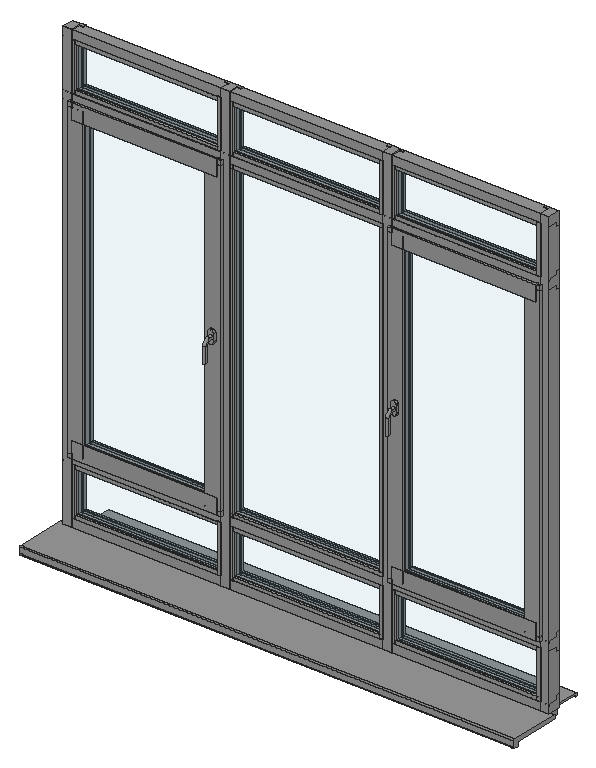
Revit family "deceuninck_okonniy_blok_trehstvorchatiy_s_verhnimi_i_nijnimi_framugami", category Окна, Revit 2016
Family settings
  Основа = Стена
  Номер OmniClass = 23.30.20.00
  Заголовок OmniClass = Windows
  Всегда вертикально = Да
  При загрузке вырезать с полостями = Нет
  Общий = Нет
  Точка расчета площади = Нет
Parameters (values of type "Энвин ЭКО-60")
  Ширина профиля = 60 mm
  Ширина проема [instance] = ADSK_Ширина рамы + Монтажный зазор.Левый + Монтажный зазор.Правый  # 2440 mm
  Шир прав створка [instance] = if(Одинковые створки, ADSK_Ширина рамы / 3, Створка правая.Ширина)  # 800 mm
  Шир лев створка [instance] = if(Одинковые створки, ADSK_Ширина рамы / 3, Створка левая.Ширина)  # 800 mm
  Четверть.Ширина [instance] = 65 mm
  Четверть.Правая [instance] = if(and(Четверть правая.Видимость, Четверть), Четверть.Ширина, 0 mm)  # 65 mm
  Четверть.Левая [instance] = if(and(Четверть левая.Видимость, Четверть), Четверть.Ширина, 0 mm)  # 65 mm
  Четверть.Глубина [instance] = 120 mm
  Четверть.Высота [instance] = 65 mm
  Четверть правая.Видимость [instance] = yes
  Четверть левая.Видимость [instance] = yes
  Четверть.Врхняя [instance] = if(Четверть, Четверть.Высота, 0 mm)  # 65 mm
  Четверть [instance] = yes
  Цвет профиля = ""
  Фрамуга нижняя.Высота [instance] = 300 mm
  Фрамуга верхняя.Высота [instance] = ADSK_Высота рамы - Створка.Высота - Фрамуга нижняя.Высота  # 300 mm
  Формула стеклопакета = ""
  Толщина стеклопакета = "32"
  Стеклопакет.Толщина = 32 mm
  Створка.Высота [instance] = 1600 mm
  Створка центральная [instance] = stvorka : Глухая
  Створка правая.Ширина [instance] = 800 mm
  Створка правая [instance] = stvorka : Поворотная право
  Створка центральная.Ширина [instance] = ADSK_Ширина рамы - Шир прав створка - Шир лев створка  # 800 mm
  Створка левая.Ширина [instance] = 800 mm
  Створка левая [instance] = stvorka : Поворотная лево
  Система фурнитуры [instance] = ""
  Расчетное значение ветровой нагрузки [instance] = 400
  Рама.Окно.Ширина [instance] = 2400 mm
  Рама.Окно.Высота [instance] = 2200 mm
  Профильная система = "Энвин ЭКО 60"
  Проем.Окно.Ширина [instance] = 2440 mm
  Проем.Окно.Высота [instance] = 2255 mm
  Приточный клапан [instance] = no
  Watermarked By = ""
  Rough Width = 0 mm  # constant formula
  Rough Height = 0 mm  # constant formula
  Подоконник.Глубина [instance] = 0 mm
  Подоконник. Видимость [instance] = yes
  Подоконник [instance] = podokonnik : ПВХ 250
  Площаль элемента [instance] = ADSK_Ширина рамы * ADSK_Высота рамы / 1000000 mm  # 5.28 mm
  Отлив.Свес [instance] = 35 mm
  Отлив.Видимость [instance] = yes
  Откосы.Глубина [instance] = 310 mm
  Одинковые створки [instance] = no
  Огнестойкость = "Е-15"
  Наименование = "Окно 3-створчатое с фрамугами сверху и снизу Энвин ЭКО-60"
  Монтажный зазор.Спереди [instance] = 10 mm
  Монтажный зазор.Правый [instance] = if(Четверть правая.Видимость, Монтажный зазор.Боковой, 0 mm)  # 20 mm
  Монтажный зазор.Низ [instance] = 10 mm
  Монтажный зазор.Левый [instance] = if(Четверть левая.Видимость, Монтажный зазор.Боковой, 0 mm)  # 20 mm
  Монтажный зазор.Верх [instance] = 20 mm
  Монтажный зазор.Боковой = 20 mm
  Материал-Стеклопакет = none
  Материал-Рама = none
  Материал-Подоконник = ПВХ, белый
  Материал-Отлив = Лист оцинкованый, белый
  Класс профиля = "Тип В"
  Завод-изготовитель [instance] = "ООО Декёнинк Рус, Россия"  # constant formula
  ГОСТ = "ГОСТ 30673-2013"
  Высота профиля створки = 76 mm
  Высота профиля рамы = 62 mm
  Высота профиля имоста = 82 mm
  Высота проема [instance] = ADSK_Высота рамы + 25 mm + Монтажный зазор.Верх + Монтажный зазор.Низ  # 2255 mm
  Height = 0 mm  # constant formula
  Высота подоконника по умолчанию = 800 mm
  Замыкание стены = По основе
  Width = 0 mm  # constant formula
  Артикул створки/армирование рстворки = "ZE 60D  /  AR1"
  Артикул рамы/армирование рамы = "LE 60D  /  AR1"
  Артикул импоста/армирование импоста = "TE 60D  /  20 x 35"
  Аналитическая конструкция = "<Нет>"
  λ краевой зоны стеклопакета = 0.0600 (m²·K)/W
  Rстеклопакета = 0.7600 (m²·K)/W
  Rпрофиля = 0.6800 (m²·K)/W
  Rпривед [instance] = 1 / (((Ширина профиля / 1000 mm) * (5.4 - 4 * (Ширина профиля / 1000 mm)) / (1.8 * Rпрофиля / Rед)) + ((1.2 - 2 * (Ширина профиля / 1000 mm)) * (1.5 - 2 * (Ширина профиля / 1000 mm)) / (1.8 * Rстеклопакета / Rед)) + (5.4 - 8 * (Ширина профиля / 1000 mm)) * (λ краевой зоны стеклопакета / Rед))  # 0.61064
  Rед = 1.0000 (m²·K)/W
  Iфактич [instance] = ""
  Iтреб [instance] = if(or(Шир лев створка > Шир прав створка, Шир лев створка = Шир прав створка), ((Расчетное значение ветровой нагрузки / 1000000) * ((ADSK_Высота рамы / 10) ^ 4) * (Шир лев створка / 20) / (1 mm * 1920 mm * 210000 mm * (ADSK_Высота рамы / 3000)) * (25 - (40 * ((Шир лев створка / ADSK_Высота рамы) ^ 2)) + (16 * ((Шир лев створка / ADSK_Высота рамы) ^ 4)))) + ((Расчетное значение ветровой нагрузки / 1000000) * ((ADSK_Высота рамы / 10) ^ 4) * (Створка центральная.Ширина / 20) / (1 mm * 1920 mm * 210000 mm * (ADSK_Высота рамы / 3000)) * (25 - (40 * ((Створка центральная.Ширина / ADSK_Высота рамы) ^ 2)) + (16 * ((Створка центральная.Ширина / ADSK_Высота рамы) ^ 4)))), ((Расчетное значение ветровой нагрузки / 1000000) * ((ADSK_Высота рамы / 10) ^ 4) * (Створка центральная.Ширина / 20) / (1 mm * 1920 mm * 210000 mm * (ADSK_Высота рамы / 3000)) * (25 - (40 * ((Створка центральная.Ширина / ADSK_Высота рамы) ^ 2)) + (16 * ((Створка центральная.Ширина / ADSK_Высота рамы) ^ 4)))) + ((Расчетное значение ветровой нагрузки / 1000000) * ((ADSK_Высота рамы / 10) ^ 4) * (Шир прав створка / 20) / (1 mm * 1920 mm * 210000 mm * (ADSK_Высота рамы / 3000)) * (25 - (40 * ((Шир прав створка / ADSK_Высота рамы) ^ 2)) + (16 * ((Шир прав створка / ADSK_Высота рамы) ^ 4)))))  # 5.068 mm
  ADSK_Ширина рамы [instance] = 2400 mm
  ADSK_Позиция [instance] = ""
  ADSK_Высота рамы [instance] = 2200 mm
Reference planes
  plane 1 "По центру (Вперед/Назад)": y = 0
  plane 2 "По центру (Влево/Вправо)": x = 0
  plane 3 "Подоконник": z = 800
  plane 4 "Наружный": y = 250
  plane 5 "Внутренние": y = -250
  plane 6: x = -1220
  plane 7: x = 1220
  plane 8: x = -1155
  plane 9: x = 1155
  plane 10: y = 130
  plane 11: z = 3000
  plane 12: x = -1200
  plane 13: x = 1200
  plane 14: z = 775
  plane 15: z = 3020
  plane 16: z = 765
  plane 17: z = 2955
  plane 18: y = 120
  plane 19: y = 60
  plane 20: x = -1138
  plane 21: x = 1138
  plane 22: z = 2938
  plane 23: z = 862
  plane 24: x = 400
  plane 25: x = 359
  plane 26: x = 441
  plane 27: y = 107
  plane 28: y = 70
  plane 29: y = 450
  plane 30: x = -400
  plane 31: x = -441
  plane 32: x = -359
  plane 33: z = 2700
  plane 34: z = 1100
Forms (mm)
  Extrusion 1, void
    sketch origin (0, -250, 0) x (1, 0, 0) y (0, 0, 1)
      loop
        line (-1220, 3020) -> (-1220, 765) -> (1220, 765) -> (1220, 3020) -> (-1220, 3020)
    from 0 to -380
  Extrusion 2, void
    sketch origin (-2200.521, 130, 1000) x (1, 0, 0) y (0, 0, 1)
      loop
        line (1045.521, 1955) -> (1045.521, -235) -> (3355.521, -235) -> (3355.521, 1955) -> (1045.521, 1955)
    from 0 to -320
  Extrusion 3, solid, material <- "Материал-Рама", detail levels fine
    sketch origin (0, 0, 800) x (0, -1, 0) y (-1, 0, 0)
      loop
        line (-120, 1200) -> (-120, 1138) -> (-107, 1138) -> (-107, 1158) -> (-60, 1158) -> (-60, 1200) -> (-120, 1200)
      loop
        line (-120, -1138) -> (-120, -1200) -> (-60, -1200) -> (-60, -1158) -> (-107, -1158) -> (-107, -1138) -> (-120, -1138)
    from 0 to -2200
  Extrusion 4, solid, material <- "Материал-Рама", detail levels fine
    sketch origin (-750, 0, 0) x (0, -1, 0) y (0, 0, 1)
      loop
        line (-60, 800) -> (-60, 842) -> (-107, 842) -> (-107, 862) -> (-120, 862) -> (-120, 800) -> (-60, 800)
      loop
        line (-60, 2958) -> (-60, 3000) -> (-120, 3000) -> (-120, 2938) -> (-107, 2938) -> (-107, 2958) -> (-60, 2958)
    from 450 to -1950
  Extrusion 5, solid, material <- "Материал-Рама", detail levels fine
    sketch origin (0, 0, 800) x (0, -1, 0) y (-1, 0, 0)
      loop
        line (-120, -359) -> (-120, -441) -> (-107, -441) -> (-107, -421) -> (-60, -421) -> (-60, -379) -> (-107, -379) -> (-107, -359) -> (-120, -359)
    from 0 to -2200
  Extrusion 6, solid, material <- "Материал-Рама"
    sketch origin (-233.865, 107, 2257) x (0, 0, 1) y (-1, 0, 0)
      loop
        line (-1457, 966.135) -> (-1482, 966.135) -> (-1482, -1433.865) -> (-1457, -1433.865) -> (-1457, 966.135)
    from 0 to 37
  Extrusion 7, solid, material "Лист оцинкованый, белый" <- "Материал-Отлив", visible <- "Отлив.Видимость", detail levels fine
    sketch origin (1155, 531.754, 1000) x (0, 1, 0) y (0, 0, 1)
      loop
        line (-424.754, -225) -> (-251.754, -225) -> (-251.754, -235) -> (-246.754, -235) -> (-246.754, -220) -> (-424.754, -215) -> (-424.754, -225)
    from 0 to -2310
  Extrusion 8, solid, detail levels medium
    sketch origin (0, 0, 800) x (0, -1, 0) y (-1, 0, 0)
      loop
        line (-120, 1200) -> (-120, 1138) -> (-60, 1138) -> (-60, 1200) -> (-120, 1200)
      loop
        line (-120, -1200) -> (-60, -1200) -> (-60, -1138) -> (-120, -1138) -> (-120, -1200)
    from 0 to -2200
  Extrusion 9, solid, detail levels medium
    sketch origin (-750, 0, 0) x (0, -1, 0) y (0, 0, 1)
      loop
        line (-120, 3000) -> (-120, 2938) -> (-60, 2938) -> (-60, 3000) -> (-120, 3000)
      loop
        line (-60, 800) -> (-60, 862) -> (-120, 862) -> (-120, 800) -> (-60, 800)
    from -1950 to 450
  Extrusion 10, solid, detail levels coarse
    sketch origin (-750, 0, 0) x (0, -1, 0) y (0, 0, 1)
      loop
        line (-120, 2889) -> (-47, 2889) -> (-47, 3000) -> (-120, 3000) -> (-120, 2889)
      loop
        line (-47, 800) -> (-47, 911) -> (-120, 911) -> (-120, 800) -> (-47, 800)
      loop
        line (-47, 2789) -> (-120, 2789) -> (-120, 2611) -> (-47, 2611) -> (-47, 2789)
      loop
        line (-47, 1189) -> (-120, 1189) -> (-120, 1011) -> (-47, 1011) -> (-47, 1189)
    from -1950 to 450
  Extrusion 11, solid, detail levels medium
    sketch origin (0, 0, 800) x (0, -1, 0) y (-1, 0, 0)
      loop
        line (-120, -379) -> (-120, -421) -> (-60, -421) -> (-60, -379) -> (-120, -379)
    from 0 to -2200
  Extrusion 12, solid, detail levels fine
    sketch origin (0, 0, 800) x (0, -1, 0) y (-1, 0, 0)
      loop
        line (-120, 441) -> (-120, 359) -> (-107, 359) -> (-107, 379) -> (-60, 379) -> (-60, 421) -> (-107, 421) -> (-107, 441) -> (-120, 441)
    from 0 to -2200
  Extrusion 13, solid, detail levels medium
    sketch origin (0, 0, 0) x (1, 0, 0) y (0, 1, 0)
      loop
        line (-421, 120) -> (-421, 60) -> (-379, 60) -> (-379, 120) -> (-421, 120)
    from 800 to 3000
  Extrusion 14, solid, detail levels coarse
    sketch origin (0, 0, 0) x (1, 0, 0) y (0, 1, 0)
      loop
        line (310, 120) -> (310, 47) -> (490, 47) -> (490, 120) -> (310, 120)
    from 800 to 3000
  Extrusion 15, solid, detail levels coarse
    sketch origin (0, 0, 0) x (1, 0, 0) y (0, 1, 0)
      loop
        line (-490, 120) -> (-490, 47) -> (-310, 47) -> (-310, 120) -> (-490, 120)
    from 800 to 3000
  Extrusion 16, solid, detail levels coarse
    sketch origin (0, 0, 0) x (1, 0, 0) y (0, 1, 0)
      loop
        line (-1200, 120) -> (-1200, 47) -> (-1089, 47) -> (-1089, 120) -> (-1200, 120)
      loop
        line (1089, 120) -> (1089, 47) -> (1200, 47) -> (1200, 120) -> (1089, 120)
    from 800 to 3000
  Extrusion 17, solid, detail levels medium+fine
    sketch origin (0, 0, 0) x (0, -1, 0) y (0, 0, 1)
      loop
        line (-120, 2659) -> (-107, 2659) -> (-107, 2679) -> (-60, 2679) -> (-60, 2721) -> (-107, 2721) -> (-107, 2741) -> (-120, 2741) -> (-120, 2659)
      loop
        line (-120, 1059) -> (-107, 1059) -> (-107, 1079) -> (-60, 1079) -> (-60, 1121) -> (-107, 1121) -> (-107, 1141) -> (-120, 1141) -> (-120, 1059)
    from -1200 to 1200
  Extrusion 18, solid, detail levels medium
    sketch origin (-750, 0, 0) x (0, -1, 0) y (0, 0, 1)
      loop
        line (-60, 2721) -> (-120, 2721) -> (-120, 2679) -> (-60, 2679) -> (-60, 2721)
      loop
        line (-60, 1121) -> (-120, 1121) -> (-120, 1079) -> (-60, 1079) -> (-60, 1121)
    from -1950 to 450
Lines and regions (mm)
  symbolic lines, style "Windows"
    curve 1: line (-1200, 130, 0) -> (1200, 130, 0)
Text (mm)
  text "Наружный" at (0, 923.751, 2943.296), in view "Справа"
  text "Наружный" at (0, 1040.484, 2685.409), in view "Слева"
Dimensions and locks
  "Высота подоконника по умолчанию": plane 3 "Подоконник" to level
  locked: plane 4 "Наружный" to host wall at 0
  locked: plane 5 "Внутренние" to host wall
  "Четверть.Глубина": plane 10 to plane 4 "Наружный"
  "ADSK_Высота рамы": plane 11 to plane 3 "Подоконник"
  "Монтажный зазор.Верх": plane 15 to plane 11
  locked: plane 3 "Подоконник" to plane 14 at 25
  "Монтажный зазор.Низ": plane 14 to plane 16
  "Четверть.Врхняя": plane 15 to plane 17
  equal spacing: plane 13, plane 2 "По центру (Влево/Вправо)", plane 12
  "ADSK_Ширина рамы": plane 13 to plane 12
  "Четверть.Левая": plane 8 to plane 6
  "Четверть.Правая": plane 7 to plane 9
  "Монтажный зазор.Левый": plane 12 to plane 6
  "Монтажный зазор.Правый": plane 13 to plane 7
  "Монтажный зазор.Спереди": plane 10 to plane 18
  "Ширина профиля": plane 18 to plane 19
  "Высота профиля рамы": plane 12 to plane 20
  locked: Extrusion 3 sketch curve to Extrusion 3 sketch curve at 13  (x2)
  locked: Extrusion 3 sketch curve to Extrusion 3 sketch curve at 20  (x2)
  "Высота профиля рамы": plane 21 to plane 13
  "Высота профиля рамы": plane 11 to plane 22
  "Высота профиля рамы": plane 3 "Подоконник" to plane 23
  locked: Extrusion 4 sketch curve to Extrusion 4 sketch curve at 13  (x2)
  locked: Extrusion 4 sketch curve to Extrusion 4 sketch curve at 20  (x2)
  equal spacing: plane 25, plane 24, plane 26
  "Высота профиля имоста": plane 25 to plane 26
  locked: Extrusion 5 sketch curve to plane 26 at 20
  locked: plane 25 to Extrusion 5 sketch curve at 20
  locked: plane 18 to plane 27 at 13
  locked: plane 28 to plane 19 at 10
  locked: Extrusion 7 sketch curve to Extrusion 7 sketch curve at 5  (x2)
  locked: Extrusion 7 sketch curve to Extrusion 7 sketch curve at 10
  "Отлив.Свес": Extrusion 7 to plane 4 "Наружный"
  locked: plane 4 "Наружный" to plane 29 at 200
  "Шир лев створка": plane 30 to plane 12
  equal spacing: plane 31, plane 30, plane 32
  "Высота профиля имоста": plane 31 to plane 32
  locked: Extrusion 12 sketch curve to Extrusion 12 sketch curve at 20  (x2)
  "Шир прав створка": plane 24 to plane 13
  "Откосы.Глубина": plane 19 to plane 5 "Внутренние"
  locked: Extrusion 17 sketch curve to Extrusion 17 sketch curve at 20  (x4)
  "Высота профиля имоста": Extrusion 17 sketch curve to Extrusion 17 sketch curve  (x2)
  equal spacing: Extrusion 17 sketch curve, plane 33, Extrusion 17 sketch curve
  "Створка.Высота": plane 33 to plane 34
  "Фрамуга нижняя.Высота": plane 34 to plane 3 "Подоконник"
  equal spacing: Extrusion 17 sketch curve, plane 34, Extrusion 17 sketch curve
  "Проем.Окно.Ширина": plane 7 to plane 6
  "Рама.Окно.Ширина": plane 13 to plane 12
  "Проем.Окно.Высота": plane 15 to plane 16
  "Рама.Окно.Высота": plane 11 to plane 3 "Подоконник"
  aligned and locked: Extrusion 1 sketch curve to plane 15
  aligned and locked: Extrusion 1 sketch curve to plane 6
  aligned and locked: Extrusion 1 sketch curve to plane 7
  aligned and locked: Extrusion 1 sketch curve to plane 16
  aligned and locked: plane 10 to Extrusion 1
  aligned and locked: Extrusion 2 sketch curve to plane 17
  aligned and locked: Extrusion 2 sketch curve to plane 8
  aligned and locked: Extrusion 2 sketch curve to plane 9
  aligned and locked: Extrusion 2 sketch curve to plane 16
  aligned and locked: Extrusion 3 sketch curve to plane 18
  aligned and locked: Extrusion 3 sketch curve to plane 19
  aligned and locked: Extrusion 3 sketch curve to plane 20
  aligned and locked: Extrusion 3 sketch curve to plane 12
  aligned and locked: plane 18 to Extrusion 3 sketch curve
  aligned and locked: plane 19 to Extrusion 3 sketch curve
  aligned and locked: Extrusion 3 sketch curve to plane 13
  aligned and locked: Extrusion 3 sketch curve to plane 21
  aligned and locked: plane 11 to Extrusion 3
  aligned and locked: Extrusion 4 sketch curve to plane 19  (x2)
  aligned and locked: Extrusion 4 sketch curve to plane 18  (x2)
  aligned and locked: Extrusion 4 sketch curve to plane 23
  aligned and locked: Extrusion 4 sketch curve to plane 3 "Подоконник"
  aligned and locked: Extrusion 4 sketch curve to plane 22
  aligned and locked: Extrusion 4 sketch curve to plane 11
  aligned and locked: Extrusion 4 to plane 13
  aligned and locked: Extrusion 4 to plane 12
  aligned and locked: Extrusion 5 sketch curve to plane 18
  aligned and locked: Extrusion 5 sketch curve to plane 19
  aligned and locked: plane 11 to Extrusion 5
  aligned and locked: Extrusion 6 sketch curve to plane 12
  aligned and locked: Extrusion 6 sketch curve to plane 3 "Подоконник"
  aligned and locked: Extrusion 6 sketch curve to plane 14
  aligned and locked: plane 13 to Extrusion 6 sketch curve
  aligned and locked: plane 28 to Extrusion 6
  aligned and locked: nested 1 to plane 3 "Подоконник"
  aligned and locked: plane 28 to nested 1
  aligned and locked: nested 1 to plane 2 "По центру (Влево/Вправо)"
  aligned and locked: plane 14 to Extrusion 7 sketch curve
  aligned and locked: Extrusion 7 to plane 8
  aligned and locked: plane 27 to Extrusion 7 sketch curve
  aligned and locked: plane 29 to Extrusion 2
  aligned and locked: curve 1 to plane 10
  aligned and locked: plane 11 to Extrusion 8
  aligned and locked: Extrusion 9 sketch curve to plane 11
  aligned and locked: Extrusion 9 sketch curve to plane 22
  aligned and locked: Extrusion 9 sketch curve to plane 19  (x2)
  aligned and locked: Extrusion 9 sketch curve to plane 18  (x2)
  aligned and locked: Extrusion 9 sketch curve to plane 3 "Подоконник"
  aligned and locked: Extrusion 9 sketch curve to plane 23
  aligned and locked: Extrusion 9 to plane 13
  aligned and locked: Extrusion 8 sketch curve to plane 20
  aligned and locked: Extrusion 8 sketch curve to plane 19  (x2)
  aligned and locked: Extrusion 8 sketch curve to plane 12
  aligned and locked: plane 13 to Extrusion 8 sketch curve
  aligned and locked: plane 21 to Extrusion 8 sketch curve
  aligned and locked: Extrusion 10 sketch curve to plane 18  (x3)
  aligned and locked: Extrusion 10 sketch curve to plane 11
  aligned and locked: Extrusion 10 sketch curve to plane 3 "Подоконник"
  aligned and locked: Extrusion 10 to plane 13
  aligned and locked: Extrusion 8 sketch curve to plane 18  (x2)
  aligned and locked: Extrusion 11 sketch curve to Extrusion 5  (x3)
  aligned and locked: plane 11 to Extrusion 11
  aligned and locked: Extrusion 10 to plane 12
  aligned and locked: Extrusion 9 to plane 12
  aligned and locked: Extrusion 12 sketch curve to plane 18
  aligned and locked: Extrusion 12 sketch curve to plane 19
  aligned and locked: Extrusion 12 sketch curve to plane 32
  aligned and locked: Extrusion 12 sketch curve to plane 31
  aligned and locked: Extrusion 12 sketch curve to plane 27  (x2)
  aligned and locked: plane 3 "Подоконник" to Extrusion 12
  aligned and locked: plane 3 "Подоконник" to Extrusion 5
  aligned and locked: plane 11 to Extrusion 12
  aligned and locked: Extrusion 13 sketch curve to Extrusion 12  (x3)
  aligned and locked: Extrusion 12 to Extrusion 13 sketch curve
  aligned and locked: plane 11 to Extrusion 13
  aligned and locked: plane 3 "Подоконник" to Extrusion 13
  aligned and locked: Extrusion 14 sketch curve to plane 18
  aligned and locked: Extrusion 10 to Extrusion 14 sketch curve
  aligned and locked: Extrusion 10 to Extrusion 15 sketch curve
  aligned and locked: Extrusion 15 sketch curve to plane 18
  aligned and locked: plane 11 to Extrusion 15
  aligned and locked: plane 3 "Подоконник" to Extrusion 15
  aligned and locked: plane 3 "Подоконник" to Extrusion 14
  aligned and locked: plane 11 to Extrusion 14
  aligned and locked: Extrusion 16 sketch curve to plane 12
  aligned and locked: Extrusion 16 sketch curve to plane 18  (x2)
  aligned and locked: Extrusion 16 sketch curve to Extrusion 10
  aligned and locked: Extrusion 10 to Extrusion 16 sketch curve
  aligned and locked: plane 13 to Extrusion 16 sketch curve
  aligned and locked: plane 11 to Extrusion 16
  aligned and locked: plane 3 "Подоконник" to Extrusion 16
  aligned and locked: plane 27 to nested 2
  aligned and locked: Extrusion 3 to nested 2
  aligned and locked: nested 2 to Extrusion 13
  aligned and locked: plane 27 to nested 3
  aligned and locked: Extrusion 13 to nested 3
  aligned and locked: nested 3 to Extrusion 11
  aligned and locked: plane 27 to nested 4
  aligned and locked: Extrusion 11 to nested 4
  aligned and locked: nested 4 to Extrusion 3
  aligned and locked: Extrusion 17 sketch curve to plane 18  (x2)
  aligned and locked: Extrusion 17 sketch curve to plane 19  (x2)
  aligned and locked: Extrusion 17 sketch curve to plane 27  (x2)
  aligned and locked: Extrusion 17 to plane 13
  aligned and locked: Extrusion 17 to plane 12
  aligned and locked: Extrusion 18 sketch curve to Extrusion 17  (x6)
  aligned and locked: Extrusion 17 to Extrusion 18 sketch curve  (x2)
  aligned and locked: Extrusion 18 to plane 12
  aligned and locked: Extrusion 18 to plane 13
  aligned and locked: nested 4 to Extrusion 17  (x2)
  aligned and locked: nested 3 to Extrusion 17  (x2)
  aligned and locked: nested 2 to Extrusion 17  (x2)
  aligned and locked: nested 5 to Extrusion 4
  aligned and locked: nested 5 to Extrusion 17
  aligned and locked: plane 27 to nested 5
  aligned and locked: Extrusion 3 to nested 5
  aligned and locked: nested 5 to Extrusion 13
  aligned and locked: nested 6 to Extrusion 4
  aligned and locked: nested 6 to Extrusion 17
  aligned and locked: plane 27 to nested 6
  aligned and locked: nested 6 to Extrusion 5
  aligned and locked: Extrusion 13 to nested 6
  aligned and locked: nested 7 to Extrusion 4
  aligned and locked: nested 7 to Extrusion 17
  aligned and locked: plane 27 to nested 7
  aligned and locked: Extrusion 11 to nested 7
  aligned and locked: nested 7 to Extrusion 3
  aligned and locked: nested 5 to Extrusion 10 sketch curve  (x2)
  aligned and locked: Extrusion 10 sketch curve to nested 2
  aligned and locked: plane 27 to Extrusion 17 sketch curve
  aligned and locked: nested 8 to Extrusion 17
  aligned and locked: nested 8 to Extrusion 4
  aligned and locked: plane 27 to nested 8
  aligned and locked: nested 8 to Extrusion 13
  aligned and locked: Extrusion 3 to nested 8
  aligned and locked: Extrusion 13 to nested 9
  aligned and locked: nested 9 to Extrusion 11
  aligned and locked: nested 9 to Extrusion 17
  aligned and locked: nested 9 to Extrusion 4
  aligned and locked: plane 27 to nested 9
  aligned and locked: Extrusion 11 to nested 10
  aligned and locked: nested 10 to Extrusion 3
  aligned and locked: nested 10 to Extrusion 17
  aligned and locked: nested 10 to Extrusion 4
  aligned and locked: plane 27 to nested 10
  aligned and locked: nested 2 to Extrusion 10 sketch curve
  aligned and locked: Extrusion 10 sketch curve to nested 8  (x2)
Automatic sketch dimensions
  host wall to Extrusion 7 sketch curve = 30 mm
  Extrusion 7 sketch curve to Extrusion 7 sketch curve = 10 mm
  Extrusion 5 sketch curve to plane 26 = 0 mm
  plane 27 to Extrusion 5 sketch curve = 0 mm  (x2)
  Extrusion 5 sketch curve to plane 25 = 0 mm
  curve 1 to plane 12 = 0 mm
  curve 1 to plane 13 = 0 mm
  Extrusion 10 sketch curve to plane 18 = 0 mm
  Extrusion 10 sketch curve to plane 19 = 13 mm  (x2)
  plane 23 to Extrusion 10 sketch curve = 49 mm
  plane 22 to Extrusion 10 sketch curve = 49 mm
  Extrusion 11 sketch curve to plane 18 = 0 mm
  Extrusion 14 sketch curve to plane 25 = 49 mm
  plane 26 to Extrusion 14 sketch curve = 49 mm
  Extrusion 15 sketch curve to plane 31 = 49 mm
  plane 32 to Extrusion 15 sketch curve = 49 mm
  plane 20 to Extrusion 16 sketch curve = 49 mm
  plane 21 to Extrusion 16 sketch curve = 49 mm
  Extrusion 17 sketch curve to plane 27 = 0 mm
  plane 34 to Extrusion 17 sketch curve = 41 mm
Nested families
  nested 1: "podokonnik" at (0, 70, 800), Материал-Подоконник <- "Материал-Подоконник", Длина подоконника <- "Ширина проема", type <- "Подоконник", visible <- "Подоконник. Видимость", type "ПВХ 250", detail levels fine
    with Материал-Подоконник ПВХ, белый, Длина подоконника 2440 mm
  nested 2: "stvorka" at (-789.5, 107, 1121), Профиль.Ширина <- "Ширина профиля", Стеклопакет.Толщина <- "Стеклопакет.Толщина", type <- "Створка левая", Профиль.Высота <- "Высота профиля створки", type "Поворотная лево"
    with Стеклопакет.Толщина 32 mm, Створка.Ширина 737 mm, Створка.Высота 1558 mm, Ручка.Расстояние от низа створки 779 mm, Профиль.Ширина 60 mm, Профиль.Высота 76 mm, Материал.Профиль none
  nested 3: "stvorka" at (0, 107, 1121), Профиль.Ширина <- "Ширина профиля", Стеклопакет.Толщина <- "Стеклопакет.Толщина", type <- "Створка центральная", Профиль.Высота <- "Высота профиля створки", type "Глухая"
    with Стеклопакет.Толщина 32 mm, Створка.Ширина 758 mm, Створка.Высота 1558 mm, Ручка.Расстояние от низа створки 779 mm, Профиль.Ширина 60 mm, Профиль.Высота 76 mm, Материал.Профиль none
  nested 4: "stvorka" at (789.5, 107, 1121), Профиль.Ширина <- "Ширина профиля", Стеклопакет.Толщина <- "Стеклопакет.Толщина", type <- "Створка правая", Профиль.Высота <- "Высота профиля створки", type "Поворотная право"
    with Стеклопакет.Толщина 32 mm, Створка.Ширина 737 mm, Створка.Высота 1558 mm, Ручка.Расстояние от низа створки 779 mm, Профиль.Ширина 60 mm, Профиль.Высота 76 mm, Материал.Профиль none
  nested 5: "stvorka" at (-789.5, 107, 2721), Профиль.Ширина <- "Ширина профиля", Стеклопакет.Толщина <- "Стеклопакет.Толщина", Профиль.Высота <- "Высота профиля створки", type "Глухая"
    with Стеклопакет.Толщина 32 mm, Створка.Ширина 737 mm, Створка.Высота 237 mm, Ручка.Расстояние от низа створки 118.5 mm, Профиль.Ширина 60 mm, Профиль.Высота 76 mm, Материал.Профиль none
  nested 6: "stvorka" at (0, 107, 2721), Профиль.Ширина <- "Ширина профиля", Стеклопакет.Толщина <- "Стеклопакет.Толщина", Профиль.Высота <- "Высота профиля створки", type "Глухая"
    with Стеклопакет.Толщина 32 mm, Створка.Ширина 758 mm, Створка.Высота 237 mm, Ручка.Расстояние от низа створки 118.5 mm, Профиль.Ширина 60 mm, Профиль.Высота 76 mm, Материал.Профиль none
  nested 7: "stvorka" at (789.5, 107, 2721), Профиль.Ширина <- "Ширина профиля", Стеклопакет.Толщина <- "Стеклопакет.Толщина", Профиль.Высота <- "Высота профиля створки", type "Глухая"
    with Стеклопакет.Толщина 32 mm, Створка.Ширина 737 mm, Створка.Высота 237 mm, Ручка.Расстояние от низа створки 118.5 mm, Профиль.Ширина 60 mm, Профиль.Высота 76 mm, Материал.Профиль none
  nested 8: "stvorka" at (-789.5, 107, 842), Профиль.Ширина <- "Ширина профиля", Стеклопакет.Толщина <- "Стеклопакет.Толщина", Профиль.Высота <- "Высота профиля створки", type "Глухая"
    with Стеклопакет.Толщина 32 mm, Створка.Ширина 737 mm, Створка.Высота 237 mm, Ручка.Расстояние от низа створки 118.5 mm, Профиль.Ширина 60 mm, Профиль.Высота 76 mm, Материал.Профиль none
  nested 9: "stvorka" at (0, 107, 842), Профиль.Ширина <- "Ширина профиля", Стеклопакет.Толщина <- "Стеклопакет.Толщина", Профиль.Высота <- "Высота профиля створки", type "Глухая"
    with Стеклопакет.Толщина 32 mm, Створка.Ширина 758 mm, Створка.Высота 237 mm, Ручка.Расстояние от низа створки 118.5 mm, Профиль.Ширина 60 mm, Профиль.Высота 76 mm, Материал.Профиль none
  nested 10: "stvorka" at (789.5, 107, 842), Профиль.Ширина <- "Ширина профиля", Стеклопакет.Толщина <- "Стеклопакет.Толщина", Профиль.Высота <- "Высота профиля створки", type "Глухая"
    with Стеклопакет.Толщина 32 mm, Створка.Ширина 737 mm, Створка.Высота 237 mm, Ручка.Расстояние от низа створки 118.5 mm, Профиль.Ширина 60 mm, Профиль.Высота 76 mm, Материал.Профиль none
Definition of nested family "podokonnik"
  Parameters (values of type "ПВХ 150")
    Материал-Подоконник [instance] = none
    Длина подоконника [instance] = 1500 mm
    Глубина подоконника = 150 mm
    Watermarked By = ""
    Type Comments = "﻿﻿                           ﻿       ﻿     ﻿       ​         ​       ​   ​                  ﻿    ​            ﻿   ﻿                     ﻿     ﻿       ﻿   ​         ﻿       ﻿﻿"
    Keynote = "﻿﻿                           ﻿       ﻿     ﻿       ​         ​       ​   ​                  ﻿    ​            ﻿   ﻿                     ﻿     ﻿       ﻿   ​         ﻿       ﻿﻿"
    Description = "﻿﻿                           ﻿       ﻿     ﻿       ​         ​       ​   ​                  ﻿    ​            ﻿   ﻿                     ﻿     ﻿       ﻿   ​         ﻿       ﻿﻿"
    Assembly Code = "﻿﻿                           ﻿       ﻿     ﻿       ​         ​       ​   ​                  ﻿    ​            ﻿   ﻿                     ﻿     ﻿       ﻿   ​         ﻿       ﻿﻿"
  Types (13, lengths in mm): name | Глубина подоконника
    ПВХ 100 | 100
    ПВХ 150 | 150
    ПВХ 200 | 200
    ПВХ 250 | 250
    ПВХ 300 | 300
    ПВХ 350 | 350
    ПВХ 400 | 400
    ПВХ 450 | 450
    ПВХ 500 | 500
    ПВХ 550 | 550
    ПВХ 600 | 600
    ПВХ 650 | 650
    ПВХ 700 | 700
  Reference planes
    plane 1 "По центру (Вперед/Назад)": y = 0
    plane 2: z = 0
    plane 3 "По центру (Влево/Вправо)": x = 0
    plane 4: y = -150
    plane 5: x = 750
    plane 6: x = -750
  Forms (mm)
    Extrusion 1, solid, material <- "Материал-Подоконник"
      sketch origin (0, 0, 0) x (0, 1, 0) y (0, 0, 1)
        loop
          line (0, 0) -> (-146, 0)
          arc (-146, 0) -> (-148.828, -1.172) -> (-150, -4) r 4
          line (-150, -4) -> (-150, -36)
          arc (-150, -36) -> (-148.828, -38.828) -> (-146, -40) r 4
          line (-146, -40) -> (-130, -40) -> (-130, -20) -> (0, -20) -> (0, 0)
      from -750 to 750
  Dimensions and locks
    "Глубина подоконника": plane 1 "По центру (Вперед/Назад)" to plane 4
    equal spacing: plane 6, plane 3 "По центру (Влево/Вправо)", plane 5
    "Длина подоконника": plane 6 to plane 5
    aligned and locked: level to plane 2
    aligned and locked: plane 2 to Extrusion 1 sketch curve
    aligned and locked: plane 4 to Extrusion 1 sketch curve  (x2)
    aligned and locked: plane 5 to Extrusion 1
    aligned and locked: Extrusion 1 to plane 6
  Automatic sketch dimensions
    Extrusion 1 sketch curve to plane 1 "По центру (Вперед/Назад)" = 0 mm
    Extrusion 1 sketch curve to level = 20 mm
    Extrusion 1 sketch curve to level = 4 mm
    Extrusion 1 sketch curve to Extrusion 1 sketch curve = 16 mm  (x2)
    Extrusion 1 sketch curve to Extrusion 1 sketch curve = 4 mm
Definition of nested family "stvorka"
  Parameters (values of type "Поворотно-откидная лево")
    Стеклопакет.Толщина [instance] = 32 mm
    Створка.Ширина [instance] = 700 mm
    Створка.Открытие = not(Створка.Глухая)  # yes
    Створка.Высота [instance] = 1400 mm
    Ручка.Расстояние от низа створки [instance] = Створка.Высота / 2  # 700 mm
    Ручка справа = yes
    Ручка снизу = no
    Ручка слева = no
    Ручка сверху. = no
    Профиль.Ширина [instance] = 58 mm
    Профиль.Высота [instance] = 77 mm
    Открывание правое = no
    Открывание низ = no
    Открывание левое = yes
    Открывание верх = yes
    Створка.Глухая = no
    Материал.Стеклопакет = none
    Материал.Профиль [instance] = none
    Watermarked By = ""
    Type Comments = "﻿﻿                           ﻿       ﻿     ﻿       ​         ​       ​   ​                  ﻿    ​            ﻿   ﻿                     ﻿     ﻿       ﻿   ​         ﻿       ﻿﻿"
    Keynote = "﻿﻿                           ﻿       ﻿     ﻿       ​         ​       ​   ​                  ﻿    ​            ﻿   ﻿                     ﻿     ﻿       ﻿   ​         ﻿       ﻿﻿"
    Description = "﻿﻿                           ﻿       ﻿     ﻿       ​         ​       ​   ​                  ﻿    ​            ﻿   ﻿                     ﻿     ﻿       ﻿   ​         ﻿       ﻿﻿"
    Assembly Code = "﻿﻿                           ﻿       ﻿     ﻿       ​         ​       ​   ​                  ﻿    ​            ﻿   ﻿                     ﻿     ﻿       ﻿   ​         ﻿       ﻿﻿"
    Analytic Construction = "<Нет>"
  Types (5, lengths in mm): name | Створка.Ширина | Створка.Открытие | Створка.Высота | Ручка.Расстояние от низа створки | Ручка справа | Ручка слева | Открывание правое | Открывание левое | Открывание верх | Створка.Глухая
    Глухая | 600 | no | 1500 | 750 | no | no | no | no | no | yes
    Поворотная право | 600 | yes | 1500 | 750 | no | yes | yes | no | no | no
    Поворотная лево | 600 | yes | 1500 | 750 | yes | no | no | yes | no | no
    Поворотно-откидная право | 600 | yes | 1500 | 750 | no | yes | yes | no | yes | no
    Поворотно-откидная лево | 700 | yes | 1400 | 700 | yes | no | no | yes | yes | no
  Reference planes
    plane 1 "По центру (Вперед/Назад)": y = 0
    plane 2: z = 0
    plane 3 "По центру (Влево/Вправо)": x = 0
    plane 4: x = -338
    plane 5: x = 338
    plane 6: y = -58
    plane 7: z = 1400
    plane 8: y = -16
    plane 9: y = -48
    plane 10: y = -51
    plane 11: x = -350
    plane 12: x = 350
    plane 13: z = 12
    plane 14: z = -8
    plane 15: z = 1408
    plane 16: z = 1388
    plane 17: z = 700
    plane 18: x = -358
    plane 19: x = -281
    plane 20: x = 358
    plane 21: x = 281
    plane 22: z = 1331
    plane 23: z = 69
    plane 24: z = 700
  Forms (mm)
    Extrusion 1, solid, material <- "Материал.Профиль", visible <- "Створка.Открытие", detail levels fine
      sketch origin (0, 0, 0) x (1, 0, 0) y (0, 1, 0)
        loop
          line (-338, 0) -> (-338, -45) -> (-358, -45) -> (-358, -58) -> (-281, -58) -> (-281, -51) -> (-301, -51) -> (-301, -13) -> (-281, -13) -> (-284, 0) -> (-338, 0)
        loop
          line (338, 0) -> (284, 0) -> (281, -13) -> (301, -13) -> (301, -51) -> (281, -51) -> (281, -58) -> (358, -58) -> (358, -45) -> (338, -45) -> (338, 0)
      from 12 to 1388
    Extrusion 2, solid, visible <- "Створка.Открытие", detail levels fine
      sketch origin (0, 0, 0) x (1, 0, 0) y (0, 1, 0)
        loop
          line (-301, -13) -> (-301, -51) -> (-281, -51) -> (-281, -48) -> (-291, -48) -> (-291, -16) -> (-281, -16) -> (-281, -13) -> (-301, -13)
        loop
          line (301, -13) -> (281, -13) -> (281, -16) -> (291, -16) -> (291, -48) -> (281, -48) -> (281, -51) -> (301, -51) -> (301, -13)
      from 49 to 1351
    Extrusion 3, solid, material <- "Материал.Профиль", visible <- "Створка.Открытие", detail levels fine
      sketch origin (0, 0, 12) x (0, 1, 0) y (0, 0, 1)
        loop
          line (-58, 57) -> (-58, -20) -> (-45, -20) -> (-45, 0) -> (0, 0) -> (0, 54) -> (-13, 57) -> (-13, 37) -> (-51, 37) -> (-51, 57) -> (-58, 57)
        loop
          line (-58, 1319) -> (-51, 1319) -> (-51, 1339) -> (-13, 1339) -> (-13, 1319) -> (0, 1322) -> (0, 1376) -> (-45, 1376) -> (-45, 1396) -> (-58, 1396) -> (-58, 1319)
      from -338 to 338
    Extrusion 4, solid, visible <- "Створка.Открытие", detail levels fine
      sketch origin (0, 0, 0) x (0, 1, 0) y (0, 0, 1)
        loop
          line (-16, 69) -> (-16, 59) -> (-48, 59) -> (-48, 69) -> (-51, 69) -> (-51, 49) -> (-13, 49) -> (-13, 69) -> (-16, 69)
        loop
          line (-51, 1351) -> (-51, 1331) -> (-48, 1331) -> (-48, 1341) -> (-16, 1341) -> (-16, 1331) -> (-13, 1331) -> (-13, 1351) -> (-51, 1351)
      from -301 to 301
    Extrusion 5, solid, material <- "Материал.Профиль", visible <- "Створка.Открытие", detail levels fine
      sketch origin (-963, -48, 1200) x (-1, 0, 0) y (0, 0, 1)
        loop
          line (-605, 208) -> (-625, 208) -> (-625, 188) -> (-605, 188) -> (-605, 208)
        loop
          line (-1301, 208) -> (-1321, 208) -> (-1321, 188) -> (-1301, 188) -> (-1301, 208)
        loop
          line (-625, -1188) -> (-625, -1208) -> (-605, -1208) -> (-605, -1188) -> (-625, -1188)
        loop
          line (-1321, -1188) -> (-1321, -1208) -> (-1301, -1208) -> (-1301, -1188) -> (-1321, -1188)
      from 3 to -10
    Extrusion 6, solid, material <- "Материал.Стеклопакет", visible <- "Створка.Открытие"
      sketch origin (0, -16, 59) x (0, -1, 0) y (1, 0, 0)
        loop
          line (0, 291) -> (0, -291) -> (32, -291) -> (32, 291) -> (0, 291)
      from 0 to 1282
    Extrusion 7, solid, material <- "Материал.Профиль", visible <- "Створка.Открытие", detail levels medium
      sketch origin (0, 0, 0) x (1, 0, 0) y (0, 1, 0)
        loop
          line (-281, 0) -> (-358, 0) -> (-358, -58) -> (-281, -58) -> (-281, 0)
        loop
          line (358, 0) -> (281, 0) -> (281, -58) -> (358, -58) -> (358, 0)
      from 12 to 1388
    Extrusion 8, solid, material <- "Материал.Профиль", visible <- "Створка.Открытие", detail levels medium
      sketch origin (0, 0, 0) x (0, 1, 0) y (0, 0, 1)
        loop
          line (0, 1408) -> (-58, 1408) -> (-58, 1331) -> (0, 1331) -> (0, 1408)
        loop
          line (0, 69) -> (-58, 69) -> (-58, -8) -> (0, -8) -> (0, 69)
      from -358 to 358
    Extrusion 9, solid, material <- "Материал.Профиль", visible <- "Створка.Глухая", detail levels fine
      sketch origin (0, 0, 0) x (0, 1, 0) y (0, 0, 1)
        loop
          line (-45, 1400) -> (-45, 1383) -> (-38, 1380) -> (-38, 1400) -> (-45, 1400)
        loop
          line (-45, 0) -> (-38, 0) -> (-38, 20) -> (-45, 17) -> (-45, 0)
      from -350 to 350
    Extrusion 10, solid, visible <- "Створка.Глухая", detail levels fine
      sketch origin (0, 0, 0) x (0, 1, 0) y (0, 0, 1)
        loop
          line (0, 1400) -> (-38, 1400) -> (-38, 1380) -> (-35, 1380) -> (-35, 1390) -> (-3, 1390) -> (-3, 1380) -> (0, 1380) -> (0, 1400)
        loop
          line (0, 0) -> (0, 20) -> (-3, 20) -> (-3, 10) -> (-35, 10) -> (-35, 20) -> (-38, 20) -> (-38, 0) -> (0, 0)
      from -350 to 350
    Extrusion 11, solid, visible <- "Створка.Глухая", detail levels fine
      sketch origin (0, 0, 0) x (1, 0, 0) y (0, 1, 0)
        loop
          line (-350, 0) -> (-350, -38) -> (-330, -38) -> (-330, -35) -> (-340, -35) -> (-340, -3) -> (-330, -3) -> (-330, 0) -> (-350, 0)
        loop
          line (350, 0) -> (330, 0) -> (330, -3) -> (340, -3) -> (340, -35) -> (330, -35) -> (330, -38) -> (350, -38) -> (350, 0)
      from 0 to 1400
    Extrusion 12, solid, material <- "Материал.Профиль", visible <- "Створка.Глухая", detail levels fine
      sketch origin (0, 0, 0) x (1, 0, 0) y (0, 1, 0)
        loop
          line (-350, -38) -> (-350, -45) -> (-333, -45) -> (-330, -38) -> (-350, -38)
        loop
          line (350, -38) -> (330, -38) -> (333, -45) -> (350, -45) -> (350, -38)
      from 0 to 1400
    Extrusion 13, solid, material <- "Материал.Стеклопакет", visible <- "Створка.Глухая"
      sketch origin (0, 0, 0) x (1, 0, 0) y (0, 1, 0)
        loop
          line (-340, -3) -> (-340, -35) -> (340, -35) -> (340, -3) -> (-340, -3)
      from 10 to 1390
    Extrusion 14, solid, material <- "Материал.Профиль", visible <- "Створка.Глухая", detail levels medium
      sketch origin (0, 0, 0) x (1, 0, 0) y (0, 1, 0)
        loop
          line (-330, 0) -> (-350, 0) -> (-350, -45) -> (-330, -45) -> (-330, 0)
        loop
          line (350, 0) -> (330, 0) -> (330, -45) -> (350, -45) -> (350, 0)
      from 0 to 1400
    Extrusion 15, solid, material <- "Материал.Профиль", visible <- "Створка.Глухая", detail levels medium
      sketch origin (-350, 682.027, 1200) x (0, 1, 0) y (0, 0, 1)
        loop
          line (-682.027, 180) -> (-682.027, 200) -> (-727.027, 200) -> (-727.027, 180) -> (-682.027, 180)
        loop
          line (-682.027, -1200) -> (-682.027, -1180) -> (-727.027, -1180) -> (-727.027, -1200) -> (-682.027, -1200)
      from 0 to 700
  Lines and regions (mm)
    symbolic lines, visible <- "Открывание правое"
      curve 1: line (281, 0, 1331) -> (-281, 0, 700)
      curve 2: line (-281, 0, 700) -> (281, 0, 69)
    symbolic lines, visible <- "Открывание левое"
      curve 3: line (-281, 0, 1331) -> (281, 0, 700)
      curve 4: line (281, 0, 700) -> (-281, 0, 69)
    symbolic lines, visible <- "Открывание верх"
      curve 5: line (-281, 0, 69) -> (0, 0, 1331)
      curve 6: line (0, 0, 1331) -> (281, 0, 69)
    symbolic lines, visible <- "Открывание низ"
      curve 7: line (-281, 0, 1331) -> (0, 0, 69)
      curve 8: line (0, 0, 69) -> (281, 0, 1331)
    symbolic lines, visible <- "Створка.Глухая"
      curve 9: line (0, 0, 650) -> (0, 0, 750)
      curve 10: line (-50, 0, 700) -> (50, 0, 700)
  Dimensions and locks
    locked: Extrusion 1 sketch curve to Extrusion 1 sketch curve at 13  (x2)
    "Профиль.Ширина": plane 1 "По центру (Вперед/Назад)" to plane 6
    "Стеклопакет.Толщина": plane 8 to plane 9
    locked: plane 8 to plane 1 "По центру (Вперед/Назад)" at 16
    locked: Extrusion 1 to Extrusion 2 sketch curve at 10
    locked: Extrusion 2 sketch curve to Extrusion 1 at 10
    locked: plane 9 to plane 10 at 3
    locked: Extrusion 3 sketch curve to Extrusion 3 sketch curve at 13  (x2)
    locked: Extrusion 4 sketch curve to Extrusion 3 at 10  (x2)
    "Створка.Высота": plane 7 to plane 2
    locked: plane 4 to plane 11 at 12
    locked: plane 12 to plane 5 at 12
    equal spacing: plane 12, plane 3 "По центру (Влево/Вправо)", plane 11
    "Створка.Ширина": plane 12 to plane 11
    locked: plane 15 to plane 7 at 8
    locked: plane 7 to plane 16 at 12
    locked: plane 2 to plane 14 at 8
    locked: plane 13 to plane 2 at 12
    "Профиль.Высота": plane 18 to plane 19
    "Профиль.Высота": plane 21 to plane 20
    locked: plane 21 to Extrusion 2 at 20
    "Профиль.Высота": plane 22 to plane 15
    locked: plane 11 to plane 18 at 8
    locked: plane 20 to plane 12 at 8
    locked: Extrusion 2 to plane 19 at 20
    "Профиль.Высота": plane 23 to plane 14
    "Ручка.Расстояние от низа створки": plane 17 to plane 2
    locked: nested 3 to plane 13 at 18.5
    locked: nested 4 to plane 16 at 18.5
    locked: nested 1 to plane 4 at 18.5
    locked: plane 5 to nested 2 at 18.5
    equal spacing: plane 7, plane 24, plane 2
    locked: Extrusion 10 sketch curve to Extrusion 10 sketch curve at 20  (x2)
    locked: plane 1 "По центру (Вперед/Назад)" to Extrusion 10 sketch curve at 3  (x2)
    "Стеклопакет.Толщина": Extrusion 10 sketch curve to Extrusion 10 sketch curve  (x2)
    locked: plane 11 to Extrusion 11 sketch curve at 10
    locked: Extrusion 11 sketch curve to Extrusion 11 sketch curve at 3  (x2)
    locked: Extrusion 11 sketch curve to plane 1 "По центру (Вперед/Назад)" at 3
    "Стеклопакет.Толщина": Extrusion 11 sketch curve to Extrusion 11 sketch curve  (x2)
    locked: Extrusion 11 sketch curve to plane 12 at 10
    locked: Extrusion 1 to Extrusion 11 sketch curve at 3
    locked: Extrusion 14 to Extrusion 15 sketch curve at 20  (x2)
    locked: Extrusion 11 to Extrusion 14 sketch curve at 20
    locked: Extrusion 14 sketch curve to Extrusion 14 sketch curve at 20
    curve 9 to plane 24 to curve 9 = 50 mm locked, 50 mm locked
    curve 10 to plane 3 "По центру (Влево/Вправо)" to curve 10 = 50 mm locked, 50 mm locked
    locked: Extrusion 7 to Extrusion 1 sketch curve at 13  (x2)
    locked: Extrusion 3 sketch curve to Extrusion 8 at 13  (x2)
    locked: Extrusion 4 to plane 23 at 20
    locked: Extrusion 4 to plane 22 at 20
    locked: Extrusion 14 to Extrusion 13 at 10
    locked: Extrusion 10 sketch curve to Extrusion 13 at 10
    aligned and locked: level to plane 2
    aligned and locked: Extrusion 1 sketch curve to plane 4
    aligned and locked: plane 6 to Extrusion 1 sketch curve
    aligned and locked: plane 1 "По центру (Вперед/Назад)" to Extrusion 1 sketch curve
    aligned and locked: plane 10 to Extrusion 1 sketch curve
    aligned and locked: Extrusion 2 sketch curve to Extrusion 1  (x9)
    aligned and locked: Extrusion 2 sketch curve to plane 9
    aligned and locked: Extrusion 2 sketch curve to plane 8
    aligned and locked: Extrusion 1 sketch curve to plane 5
    aligned and locked: Extrusion 1 sketch curve to plane 6
    aligned and locked: Extrusion 1 sketch curve to plane 1 "По центру (Вперед/Назад)"
    aligned and locked: Extrusion 1 to Extrusion 2 sketch curve
    aligned and locked: plane 6 to Extrusion 3 sketch curve
    aligned and locked: plane 1 "По центру (Вперед/Назад)" to Extrusion 3 sketch curve
    aligned and locked: plane 10 to Extrusion 3 sketch curve
    aligned and locked: plane 13 to Extrusion 3
    aligned and locked: plane 8 to Extrusion 4 sketch curve  (x2)
    aligned and locked: plane 9 to Extrusion 4 sketch curve
    aligned and locked: Extrusion 4 sketch curve to Extrusion 3  (x8)
    aligned and locked: Extrusion 3 to Extrusion 4 sketch curve  (x2)
    aligned and locked: plane 5 to Extrusion 3
    aligned and locked: plane 14 to Extrusion 3
    aligned and locked: Extrusion 3 to plane 4
    aligned and locked: Extrusion 4 to Extrusion 1  (x2)
    aligned and locked: Extrusion 2 to Extrusion 4
    aligned and locked: Extrusion 3 sketch curve to plane 6
    aligned and locked: Extrusion 3 sketch curve to plane 1 "По центру (Вперед/Назад)"
    aligned and locked: plane 15 to Extrusion 3 sketch curve
    aligned and locked: Extrusion 2 to Extrusion 4 sketch curve
    aligned and locked: Extrusion 1 to Extrusion 3  (x2)
    aligned and locked: Extrusion 5 sketch curve to plane 15
    aligned and locked: Extrusion 5 sketch curve to plane 16
    aligned and locked: Extrusion 5 sketch curve to plane 4
    aligned and locked: Extrusion 5 to plane 6
    aligned and locked: Extrusion 2 to Extrusion 3
    aligned and locked: plane 5 to Extrusion 5 sketch curve  (x2)
    aligned and locked: plane 16 to Extrusion 5 sketch curve
    aligned and locked: plane 15 to Extrusion 5 sketch curve
    aligned and locked: plane 18 to Extrusion 1 sketch curve
    aligned and locked: Extrusion 1 sketch curve to plane 19
    aligned and locked: plane 21 to Extrusion 1 sketch curve
    aligned and locked: Extrusion 1 sketch curve to plane 20
    aligned and locked: Extrusion 3 sketch curve to plane 14
    aligned and locked: plane 13 to Extrusion 3 sketch curve
    aligned and locked: Extrusion 3 sketch curve to plane 23
    aligned and locked: plane 22 to Extrusion 3 sketch curve
    aligned and locked: Extrusion 3 sketch curve to plane 16
    aligned and locked: Extrusion 6 sketch curve to plane 8
    aligned and locked: Extrusion 6 sketch curve to plane 9
    aligned and locked: Extrusion 6 sketch curve to Extrusion 2  (x2)
    aligned and locked: Extrusion 6 to Extrusion 4
    aligned and locked: plane 4 to Extrusion 5 sketch curve
    aligned and locked: plane 18 to Extrusion 5 sketch curve
    aligned and locked: plane 13 to Extrusion 5 sketch curve  (x2)
    aligned and locked: plane 14 to Extrusion 5 sketch curve  (x2)
    aligned and locked: Extrusion 5 sketch curve to plane 20
    aligned and locked: Extrusion 7 sketch curve to plane 1 "По центру (Вперед/Назад)"  (x2)
    aligned and locked: Extrusion 7 sketch curve to plane 6  (x2)
    aligned and locked: Extrusion 7 sketch curve to plane 18
    aligned and locked: Extrusion 7 sketch curve to plane 19
    aligned and locked: plane 20 to Extrusion 7 sketch curve
    aligned and locked: plane 21 to Extrusion 7 sketch curve
    aligned and locked: Extrusion 7 to Extrusion 1
    aligned and locked: Extrusion 1 to plane 16
    aligned and locked: Extrusion 7 to Extrusion 3
    aligned and locked: plane 1 "По центру (Вперед/Назад)" to Extrusion 8 sketch curve  (x2)
    aligned and locked: plane 6 to Extrusion 8 sketch curve  (x2)
    aligned and locked: plane 15 to Extrusion 8 sketch curve
    aligned and locked: plane 22 to Extrusion 8 sketch curve
    aligned and locked: Extrusion 8 sketch curve to plane 23
    aligned and locked: plane 14 to Extrusion 8 sketch curve
    aligned and locked: Extrusion 8 to Extrusion 1  (x2)
    aligned and locked: plane 3 "По центру (Влево/Вправо)" to nested 3
    aligned and locked: plane 3 "По центру (Влево/Вправо)" to nested 4
    aligned and locked: nested 1 to plane 17
    aligned and locked: nested 2 to plane 17
    aligned and locked: Extrusion 9 sketch curve to plane 7
    aligned and locked: Extrusion 10 sketch curve to plane 7
    aligned and locked: plane 1 "По центру (Вперед/Назад)" to Extrusion 10 sketch curve
    aligned and locked: Extrusion 10 sketch curve to Extrusion 10 sketch curve  (x2)
    aligned and locked: Extrusion 10 sketch curve to plane 1 "По центру (Вперед/Назад)"
    aligned and locked: Extrusion 9 sketch curve to plane 2
    aligned and locked: Extrusion 9 sketch curve to Extrusion 10
    aligned and locked: Extrusion 9 to plane 11
    aligned and locked: Extrusion 10 to plane 11
    aligned and locked: plane 12 to Extrusion 10
    aligned and locked: plane 12 to Extrusion 9
    aligned and locked: Extrusion 11 sketch curve to plane 11
    aligned and locked: Extrusion 11 sketch curve to plane 12
    aligned and locked: plane 1 "По центру (Вперед/Назад)" to Extrusion 11 sketch curve
    aligned and locked: Extrusion 12 sketch curve to Extrusion 11
    aligned and locked: Extrusion 12 sketch curve to plane 11
    aligned and locked: Extrusion 12 sketch curve to Extrusion 9  (x2)
    aligned and locked: Extrusion 10 to Extrusion 12 sketch curve
    aligned and locked: Extrusion 12 sketch curve to plane 12
    aligned and locked: plane 7 to Extrusion 12
    aligned and locked: plane 7 to Extrusion 11
    aligned and locked: Extrusion 13 sketch curve to Extrusion 11  (x4)
    aligned and locked: Extrusion 13 to Extrusion 10  (x2)
    aligned and locked: Extrusion 14 sketch curve to plane 1 "По центру (Вперед/Назад)"  (x2)
    aligned and locked: Extrusion 14 sketch curve to plane 11
    aligned and locked: Extrusion 14 sketch curve to plane 12
    aligned and locked: plane 7 to Extrusion 14
    aligned and locked: Extrusion 15 sketch curve to Extrusion 10
    aligned and locked: plane 7 to Extrusion 15 sketch curve
    aligned and locked: plane 2 to Extrusion 15 sketch curve
    aligned and locked: plane 1 "По центру (Вперед/Назад)" to Extrusion 15 sketch curve
    aligned and locked: curve 10 to plane 24
    aligned and locked: Extrusion 14 sketch curve to Extrusion 12  (x2)
    aligned and locked: Extrusion 5 to Extrusion 1
    aligned and locked: plane 12 to Extrusion 15
    aligned and locked: Extrusion 9 to Extrusion 1  (x2)
    aligned and locked: Extrusion 15 sketch curve to Extrusion 1  (x2)
  Automatic sketch dimensions
    curve 4 to plane 19 = 0 mm
    curve 1 to plane 17 = 0 mm
    curve 1 to plane 19 = 0 mm
    curve 3 to plane 19 = 0 mm
    curve 6 to plane 3 "По центру (Влево/Вправо)" = 0 mm
    curve 9 to plane 3 "По центру (Влево/Вправо)" = 0 mm
    curve 8 to plane 3 "По центру (Влево/Вправо)" = 0 mm
    plane 21 to curve 8 = 0 mm
    curve 4 to plane 17 = 0 mm
    plane 21 to curve 4 = 0 mm
    plane 21 to curve 2 = 0 mm
    curve 7 to plane 23 = 0 mm
    curve 5 to plane 23 = 0 mm
    curve 2 to plane 23 = 0 mm
    curve 8 to plane 22 = 0 mm
    curve 3 to plane 22 = 0 mm
    curve 6 to plane 22 = 0 mm
    Extrusion 1 sketch curve to plane 19 = 0 mm
    Extrusion 1 sketch curve to plane 21 = 0 mm
    plane 10 to Extrusion 1 sketch curve = 0 mm
    Extrusion 1 sketch curve to Extrusion 1 sketch curve = 20 mm  (x2)
    Extrusion 1 sketch curve to plane 19 = 3 mm
    Extrusion 1 sketch curve to plane 21 = 3 mm
    Extrusion 2 sketch curve to plane 9 = 0 mm
    plane 8 to Extrusion 2 sketch curve = 0 mm
    Extrusion 3 sketch curve to plane 10 = 0 mm
    Extrusion 3 sketch curve to plane 23 = 0 mm
    plane 22 to Extrusion 3 sketch curve = 0 mm
    Extrusion 3 sketch curve to plane 23 = 3 mm
    Extrusion 3 sketch curve to plane 22 = 3 mm
    plane 20 to Extrusion 5 sketch curve = 0 mm
    Extrusion 5 sketch curve to plane 18 = 0 mm
    plane 9 to Extrusion 9 sketch curve = 10 mm
    plane 13 to Extrusion 9 sketch curve = 5 mm
    plane 13 to Extrusion 9 sketch curve = 8 mm
    plane 16 to Extrusion 9 sketch curve = 8 mm
    plane 16 to Extrusion 9 sketch curve = 5 mm
    plane 4 to Extrusion 12 sketch curve = 5 mm
    plane 4 to Extrusion 12 sketch curve = 8 mm
    Extrusion 12 sketch curve to plane 5 = 8 mm
    Extrusion 12 sketch curve to plane 5 = 5 mm
    plane 9 to Extrusion 9 sketch curve = 3 mm  (x2)
    Extrusion 3 sketch curve to plane 22 = 20 mm
    Extrusion 3 sketch curve to plane 23 = 20 mm
    plane 9 to Extrusion 10 sketch curve = 10 mm
    Extrusion 10 sketch curve to Extrusion 10 sketch curve = 3 mm
    Extrusion 10 sketch curve to plane 13 = 2 mm
    Extrusion 10 sketch curve to plane 16 = 2 mm
    plane 1 "По центру (Вперед/Назад)" to Extrusion 11 sketch curve = 0 mm
    plane 4 to Extrusion 11 sketch curve = 8 mm  (x2)
    Extrusion 11 sketch curve to plane 5 = 8 mm  (x2)
  Nested families
    nested 1: "ruchka" at (-319.5, -58, 700) x (1, 0, 0) z (0, -1, 0), visible <- "Ручка слева", type "ruchka", detail levels fine
    nested 2: "ruchka" at (319.5, -58, 700) x (1, 0, 0) z (0, -1, 0), visible <- "Ручка справа", Маериал.Ручка <- "Материал.Профиль", type "ruchka", detail levels fine
    nested 3: "ruchka" at (0, -58, 30.5) x (0, 0, 1) z (0, -1, 0), visible <- "Ручка снизу", Маериал.Ручка <- "Материал.Профиль", type "ruchka", detail levels fine
    nested 4: "ruchka" at (0, -58, 1369.5) x (0, 0, 1) z (0, -1, 0), visible <- "Ручка сверху.", Маериал.Ручка <- "Материал.Профиль", type "ruchka", detail levels fine
  Definition of nested family "ruchka"
    Parameters (values of type "ruchka")
      Watermarked By = ""
      Type Comments = "﻿﻿  ﻿          ​     ​                                      ﻿       ﻿ ﻿         ​     ​ ﻿             ​   ​ ​                                ﻿           ﻿                ​ ﻿﻿"
      Keynote = "﻿﻿  ﻿          ​     ​                                      ﻿       ﻿ ﻿         ​     ​ ﻿             ​   ​ ​                                ﻿           ﻿                ​ ﻿﻿"
      Description = "﻿﻿  ﻿          ​     ​                                      ﻿       ﻿ ﻿         ​     ​ ﻿             ​   ​ ​                                ﻿           ﻿                ​ ﻿﻿"
      Default Elevation = 1219.2 mm
      Маериал.Ручка [instance] = none
      Assembly Code = "﻿﻿  ﻿          ​     ​                                      ﻿       ﻿ ﻿         ​     ​ ﻿             ​   ​ ​                                ﻿           ﻿                ​ ﻿﻿"
      Analytic Construction = "<Нет>"
    Reference planes
      plane 1 "По центру (Вперед/Назад)": y = 0
      plane 2: z = 0
      plane 3 "По центру (Влево/Вправо)": x = 0
    Forms (mm)
      Extrusion 1, solid
        sketch origin (0, 0, 0) x (1, 0, 0) y (0, 1, 0)
          loop
            line (-1219.2, 1219.2) -> (-1219.2, -1219.2) -> (1219.2, -1219.2) -> (1219.2, 1219.2) -> (-1219.2, 1219.2)
        from 0 to -304.8
      Extrusion 2, solid, material <- "Маериал.Ручка"
        sketch origin (-1, 0, 0) x (0, -1, 0) y (1, 0, 0)
          loop
            arc (-18, 15) -> (-32, 1) -> (-18, -13) r 14
            line (-18, -13) -> (18, -13)
            arc (18, -13) -> (32, 1) -> (18, 15) r 14
            line (18, 15) -> (-18, 15)
        from 0 to 10
      Sweep 3, solid, material <- "Маериал.Ручка"
        path origin (0, 0, 0) x (0, -1, 0) y (0, 0, 1)
          loop
            line (0, 10) -> (0, 30)
            arc (0, 30) -> (7.903, 42.097) -> (20, 50) r 35.203
            line (20, 50) -> (100, 50)
        profile origin (0, 0, 20) x (0, 1, 0) y (-1, 0, 0)
          loop
            line (0, 7) -> (-7, 7) -> (-7, -7) -> (0, -7)
            arc (0, -7) -> (7, 0) -> (0, 7) r 7
    Dimensions and locks
      aligned and locked: plane 2 to Extrusion 1
      aligned and locked: level to Extrusion 1
